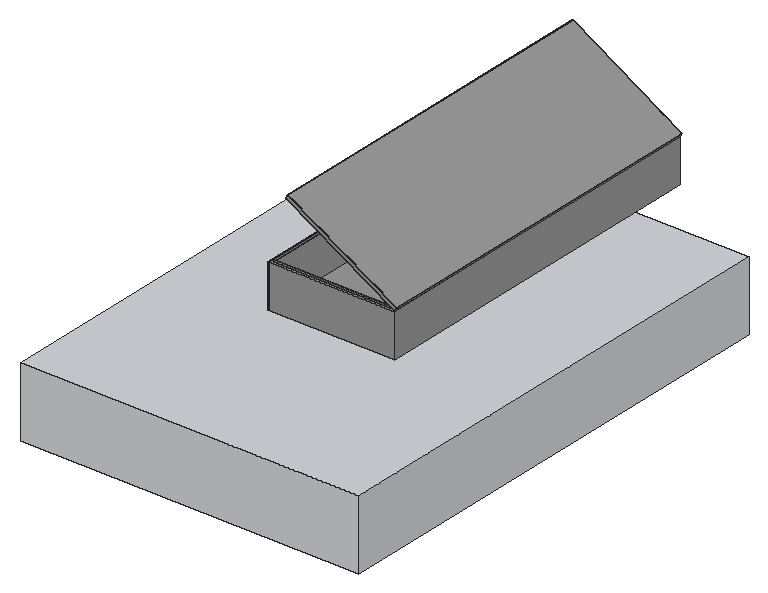
Revit family "Hager-Univers-IP54-D205-H1550-Cl.I-Encl-CH-fr", category Equipement électrique, Revit 2020
Family settings
  Hôte = Face
  Configuration du panneau = Deux colonnes, circuits au sein
  Cote de connecteur circulaire = Utiliser le diamètre
  Type d'élément = Tableau de raccordement
  Couper avec des vides une fois chargée = Non
  Partagée = Non
  Point de calcul de pièce = Non
Parameters (values of type "saillie IP54 L550 H1550 P205  - FP02TW2")
  Width Control [instance] = if([EF000008 - largeur] > Min Width, [EF000008 - largeur], Min Width)  # 550 mm
  Commentaires du type = [HG000003 - Gamme]  # "Univers"
  Thickness Door [instance] = if([EF009171 - épaisseur de matériau de la porte/du couvercle] > 3 mm, 3 mm, [EF009171 - épaisseur de matériau de la porte/du couvercle])  # 1 mm
  Seal Frame Offset [instance] = 17 mm  # constant formula
  Plinth Visibility [instance] = [HG000027 - Hauteur du socle] > 0 mm  # no
  Model = ""
  Min Width [instance] = 100 mm  # constant formula
  Min Height [instance] = 100 mm  # constant formula
  Min Depth [instance] = (2 * [EF009170 - épaisseur de matériau du boîtier]) + 1 mm  # 3 mm
  Internal Frame Depth [instance] = (Door System Depth * 0.5)  # 9 mm
  Height Control [instance] = if([EF000040 - hauteur] > Min Height, [EF000040 - hauteur], Min Height)  # 1550 mm
  HG000027 - Hauteur du socle = 0 mm
  HG000026 - Installation au sol = no
  HG000024 - Hauteur de la section basse = 800 mm
  HG000023 - Armoire double section = no
  HG000016 - Visibilité de la porte 3D [instance] = yes
  HG000015 - Visibilité de l'emprise de la porte [instance] = no
  HG000014 - Porte à droite [instance] = yes
  HG000013 - Porte à gauche [instance] = not([HG000014 - Porte à droite])  # no
  HG000012 - Angle de pivotement de la porte [instance] = 30.00°
  HG000010 - Portes asymétriques = no
  HG000009 - Porte à double battant = no
  HG000006 - Encastré = no
  HG000004 - Référence fabricant = "FP02TW2"
  HG000003 - Gamme = "Univers"
  HG000002 - avec porte = yes
  Frame Offset Bottom [instance] = 10 mm  # constant formula
  Frame Offset [instance] = 15 mm  # constant formula
  EF015940 - couvercle avec décharge de pression = no
  EF011959 - degré de protection (NEMA) = ""
  EF009554 - nombre d'ouvertures pour plaques à bride = 4
  Fabricant = "Hager"  # constant formula
  EF009212 - finition du couvercle = "EV000116 - fermé"
  EF009171 - épaisseur de matériau de la porte/du couvercle = 1 mm
  EF009170 - épaisseur de matériau du boîtier = 1 mm
  EF008873 - courant nominal (In) = 250 A
  EF007800 - adapté à un parafoudre = no
  EF006306 - avec serrure = no
  EF006244 - couvercle/porte transparent(e) = no
  EF005474 - indice de protection (IP) = "EV006419 - IP54"
  EF004464 - type de porte = "EV002646 - unique"
  EF004427 - nombre de modules = 240
  EF004293 - indice de protection contre les chocs (IK) = "EV006815 - IK09"
  EF003532 - convient pour utilisation à l’extérieur = no
  EF002950 - largeur en nombre de modules = 24
  EF001613 - maintien de fonction = "EV000494 - sans"
  EF001596 - matériau du boîtier/corps = "EV000179 - acier"
  EF001131 - profondeur intérieure = 205 mm
  EF001088 - possibilité de montage en saillie = yes
  EF000437 - nombre d'entrées de conduit = 4
  EF000339 - type de capot = "EV001012 - couvercle"
  EF000266 - nombre de rangées = 10
  EF000218 - profondeur d'encastrement = 205 mm
  EF000118 - avec cadre/support de montage = no
  EF000116 - numéro RAL = "9010"
  EF000049 - profondeur = 205 mm
  EF000040 - hauteur = 1550 mm
  EF000008 - largeur = 550 mm
  EF000007 - couleur = "EV000202 - blanc"
  EF000003 - mode de pose = "EV000384 - saillie"
  Door System Leaf Tolerance [instance] = 1.5 mm  # constant formula
  Door System Depth [instance] = 18 mm  # constant formula
  Door Height [instance] = Height Control - [HG000027 - Hauteur du socle]  # 1550 mm
  Depth Control [instance] = if([EF000049 - profondeur] > Min Depth, [EF000049 - profondeur], Min Depth)  # 205 mm
  Default Elevation = 0 mm
  Connector Offset [instance] = Height Control / 2  # 775 mm
  Bottom Top Plate Trim [instance] = 1.5 mm  # constant formula
  Plinth height Ctrl [instance] = if([HG000027 - Hauteur du socle] > 0 mm, [HG000027 - Hauteur du socle], 12 mm)  # 12 mm
Types (2, lengths in mm): name | Width Control | HG000004 - Référence fabricant | EF009554 - nombre d'ouvertures pour plaques à bride | EF004427 - nombre de modules | EF002950 - largeur en nombre de modules | EF000437 - nombre d'entrées de conduit | EF000008 - largeur
  saillie IP54 L300 H1550 P205  - FP01TW2 | 300 | "FP01TW2" | 2 | 120 | 12 | 2 | 300
  saillie IP54 L550 H1550 P205  - FP02TW2 | 550 | "FP02TW2" | 4 | 240 | 24 | 4 | 550
Reference planes
  plane 1 "Center (Front/Back)": y = 0
  plane 2: z = 0
  plane 3 "Center (Left/Right)": x = 0
  plane 4: z = 205
  plane 5: y = 1
  plane 6: y = 775
  plane 7: y = 0
  plane 8: y = 1550
  plane 9: z = 0
  plane 10: x = -260
  plane 11: x = 260
  plane 12: x = 259
  plane 13: x = -259
  plane 14: y = 1549
  plane 15: x = -258
  plane 16: x = -275
  plane 17: x = 258
  plane 18: x = 275
  plane 19: x = 274
  plane 20: x = -274
  plane 21: y = 11
  plane 22: y = 1550
  plane 23: y = 1534
  plane 24: z = 187
  plane 25: z = 1
  plane 26: z = 186
  plane 27: z = 204
Forms (mm)
  Extrusion 1, solid
    sketch origin (0, 0, 0) x (1, 0, 0) y (0, 1, 0)
      loop
        line (-702.964, 1305) -> (-702.964, -811.445) -> (766.763, -811.445) -> (766.763, 1305) -> (-702.964, 1305)
    from 0 to -304.8
  Extrusion 2, solid, material "Hager_Steel_RAL7035_Light_Grey", visible <- "Plinth Visibility", detail levels medium+fine
    sketch origin (0, 0, 0) x (1, 0, 0) y (0, 1, 0)
      loop
        line (-275, 0) -> (275, 0) -> (275, 12) -> (-275, 12) -> (-275, 0)
    from 0 to 187
  Extrusion 3, solid, material "Hager_Steel_RAL7035_Light_Grey", detail levels medium+fine
    sketch origin (0, 0, 0) x (1, 0, 0) y (0, 1, 0)
      loop
        line (-275, 0) -> (275, 0) -> (275, 1550) -> (-275, 1550) -> (-275, 0)
    from 0 to 187
  Extrusion 4, void
    sketch origin (0, 0, 0) x (1, 0, 0) y (0, 1, 0)
      loop
        line (-274, 1) -> (274, 1) -> (274, 1549) -> (-274, 1549) -> (-274, 1)
    from 1 to 186
  Extrusion 5, void
    sketch origin (-381.607, -4572, 187) x (0, -1, 0) y (-1, 0, 0)
      loop
        line (-4583, -122.607) -> (-6106, -122.607) -> (-6106, -640.607) -> (-4583, -640.607) -> (-4583, -122.607)
    from 0 to 1 <- "EF009170 - épaisseur de matériau du boîtier"
  Extrusion 6, solid, material "Hager_Steel_RAL7035_Light_Grey", detail levels fine
    sketch origin (0, 0, 187) x (1, 0, 0) y (0, 1, 0)
      loop
        line (-259, 1534) -> (-259, 11) -> (259, 11) -> (259, 1534) -> (-259, 1534)
      loop
        line (-260, 10) -> (260, 10) -> (260, 1535) -> (-260, 1535) -> (-260, 10)
    from 0 to 9 <- "Internal Frame Depth"
  Extrusion 7, solid, material "Hager_Steel_RAL7035_Light_Grey", detail levels coarse
    sketch origin (0, 0, 0) x (1, 0, 0) y (0, 1, 0)
      loop
        line (-275, 0) -> (275, 0) -> (275, 1550) -> (-275, 1550) -> (-275, 0)
    from 0 to 205
  Sweep 8, void
    path in 3D
      loop
        line (-275, 12, 0) -> (275, 12, 0) -> (275, 12, 187) -> (-275, 12, 187) -> (-275, 12, 0)
    profile origin (-275, 12, 93.5) x (-1, 0, 0) y (0, -1, 0)
      loop
        line (0, 0) -> (0, 1.5) -> (-1.5, 1.5)
        arc (-1.5, 1.5) -> (-1.061, 0.439) -> (0, 0) r 1.5
Cuts and joins
  Extrusion 4, Extrusion 5 cuts Extrusion 3
  Sweep 8 cuts Extrusion 2
Lines and regions (mm)
  Masking region 1
    outline origin (0, 0, 0) x (1, 0, 0) y (0, 0, 1)
      loop
        line (-275, 205) -> (-275, 0) -> (275, 0) -> (275, 205) -> (-275, 205)
  Masking region 2, detail levels medium+fine
    outline origin (0, 140, 0) x (0, 1, 0) y (0, 0, 1)
      loop
        line (-140, 0) -> (1410, 0) -> (1410, 187) -> (-140, 187) -> (-140, 0)
  Masking region 3, not visible, detail levels medium+fine
    outline origin (0, 297.922, 0) x (0, 1, 0) y (0, 0, 1)
      loop
        line (488.578, 0) -> (528.578, 0) -> (528.578, 194)
        arc (528.578, 194) -> (525.649, 201.071) -> (518.578, 204) r 10
        line (518.578, 204) -> (488.578, 204) -> (488.578, 0)
  Masking region 4, detail levels coarse
    outline origin (0, 0, 180) x (0, 1, 0) y (0, 0, 1)
      loop
        line (0, -180) -> (1550, -180) -> (1550, 25) -> (0, 25) -> (0, -180)
  Masking region 5, visible <- "Plinth Visibility", detail levels medium+fine
    outline origin (0, 52.24, 12.345) x (0, 0, -1) y (0, 1, 0)
      loop
        line (10.845, -40.24) -> (-173.155, -40.24)
        arc (-173.155, -40.24) -> (-173.594, -41.301) -> (-174.655, -41.74) r 1.5
        line (-174.655, -41.74) -> (-174.655, -52.24) -> (12.345, -52.24) -> (12.345, -41.74)
        arc (12.345, -41.74) -> (11.285, -41.301) -> (10.845, -40.24) r 1.5
  Masking region 6, detail levels medium+fine
    outline origin (-381.607, -4572, 187) x (-1, 0, 0) y (0, -1, 0)
      loop
        line (-106.607, -6122) -> (-106.607, -4572) -> (-656.607, -4572) -> (-656.607, -6122) -> (-106.607, -6122)
  Masking region 7, visible <- "Plinth Visibility", detail levels medium+fine
    outline origin (-381.607, -4727, 187) x (-1, 0, 0) y (0, -1, 0)
      loop
        arc (-108.107, -4739) -> (-107.668, -4737.939) -> (-106.607, -4737.5) r 1.5
        line (-106.607, -4737.5) -> (-106.607, -4727) -> (-656.607, -4727) -> (-656.607, -4737.5)
        arc (-656.607, -4737.5) -> (-655.546, -4737.939) -> (-655.107, -4739) r 1.5
        line (-655.107, -4739) -> (-108.107, -4739)
  Masking region 8, detail levels coarse
    outline origin (-442.548, -4669.526, 187) x (-1, 0, 0) y (0, -1, 0)
      loop
        line (-167.548, -6219.526) -> (-167.548, -4669.526) -> (-717.548, -4669.526) -> (-717.548, -6219.526) -> (-167.548, -6219.526)
  sketch lines
    curve 1: line (-275, 12, 187) -> (-275, 12, 0)
    curve 2: line (275, 12, 187) -> (-275, 12, 187)
    curve 3: line (275, 12, 187) -> (275, 12, 0)
    curve 4: line (-275, 12, 0) -> (275, 12, 0)
Dimensions and locks
  "Depth Control": plane 4 to Extrusion 1
  "HG000027 - Hauteur du socle": plane 1 "Center (Front/Back)" to plane 7
  "EF009170 - épaisseur de matériau du boîtier": plane 5 to plane 7
  locked: connector elem to plane 3 "Center (Left/Right)"
  equal spacing: plane 8, plane 6, plane 7
  locked: connector elem to plane 6
  "EF009170 - épaisseur de matériau du boîtier": plane 8 to plane 14
  "EF009170 - épaisseur de matériau du boîtier": plane 10 to plane 13
  "EF009170 - épaisseur de matériau du boîtier": plane 12 to plane 11
  "Frame Offset": plane 20 to plane 13
  "Frame Offset": plane 12 to plane 19
  "EF009170 - épaisseur de matériau du boîtier": plane 16 to plane 20
  "EF009170 - épaisseur de matériau du boîtier": plane 19 to plane 18
  "Seal Frame Offset": plane 16 to plane 15
  "Seal Frame Offset": plane 17 to plane 18
  "Frame Offset Bottom": plane 21 to plane 5
  "Frame Offset": plane 14 to plane 23
  equal spacing: plane 16, plane 3 "Center (Left/Right)", plane 18
  "Width Control": plane 16 to plane 18
  "EF009170 - épaisseur de matériau du boîtier": plane 4 to plane 27
  "EF009170 - épaisseur de matériau du boîtier": plane 24 to plane 26
  "EF009170 - épaisseur de matériau du boîtier": plane 25 to level
  "Door System Depth": plane 4 to plane 24
  "Height Control": plane 1 "Center (Front/Back)" to Extrusion 7 sketch curve
  "Height Control": Masking region 4 sketch curve to plane 1 "Center (Front/Back)"
  "Height Control": plane 1 "Center (Front/Back)" to plane 22
  "Bottom Top Plate Trim": profile plane to Sweep 8 sketch curve
  "Bottom Top Plate Trim": Sweep 8 sketch curve to profile plane
  "Plinth height Ctrl": plane 1 "Center (Front/Back)" to Extrusion 2 sketch curve
  "Plinth height Ctrl": Masking region 5 sketch curve to plane 1 "Center (Front/Back)"
  "Plinth height Ctrl": plane 1 "Center (Front/Back)" to Masking region 7 sketch curve
  "Thickness Door": Extrusion 6 sketch curve to Extrusion 6 sketch curve  (x3)
  "Thickness Door": cut or joined group of Extrusion 3, Extrusion 4, Extrusion 5 to Extrusion 6 sketch curve
  radius of Masking region 3 sketch curve = 10 mm
  "Bottom Top Plate Trim": radius of Masking region 5 sketch curve  (x2)
  "Bottom Top Plate Trim": radius of Sweep 8 sketch curve
  "Bottom Top Plate Trim": radius of Masking region 7 sketch curve  (x2)
  aligned and locked: plane 2 to Extrusion 1
  aligned and locked: level to Extrusion 1
  aligned and locked: level to Masking region 1 sketch curve
  aligned and locked: Masking region 1 sketch curve to plane 18
  aligned and locked: Masking region 1 sketch curve to plane 16
  aligned and locked: plane 7 to Masking region 2 sketch curve
  aligned and locked: level to Masking region 3 sketch curve
  aligned and locked: Masking region 3 sketch curve to plane 27
  aligned and locked: level to Masking region 2 sketch curve
  aligned and locked: plane 1 "Center (Front/Back)" to Extrusion 2 sketch curve
  aligned and locked: Extrusion 3 sketch curve to plane 7
  aligned and locked: plane 16 to Extrusion 3 sketch curve
  aligned and locked: plane 18 to Extrusion 3 sketch curve
  aligned and locked: plane 20 to Extrusion 4 sketch curve
  aligned and locked: plane 19 to Extrusion 4 sketch curve
  aligned and locked: Extrusion 4 sketch curve to plane 5
  aligned and locked: Extrusion 4 to plane 25
  aligned and locked: plane 26 to Extrusion 4
  aligned and locked: plane 24 to Extrusion 3
  aligned and locked: Extrusion 5 sketch curve to plane 21
  aligned and locked: Extrusion 5 sketch curve to plane 13
  aligned and locked: Extrusion 5 sketch curve to plane 12
  aligned and locked: plane 18 to Extrusion 7 sketch curve
  aligned and locked: plane 1 "Center (Front/Back)" to Extrusion 7 sketch curve
  aligned and locked: plane 16 to Extrusion 7 sketch curve
  aligned and locked: plane 4 to Extrusion 7
  aligned and locked: Extrusion 7 to level
  aligned and locked: level to Masking region 4 sketch curve
  aligned and locked: Masking region 4 sketch curve to plane 1 "Center (Front/Back)"
  aligned and locked: Masking region 4 sketch curve to plane 4
  aligned and locked: nested 1 to level
  aligned and locked: nested 1 to plane 16
  aligned and locked: plane 8 to Extrusion 3 sketch curve
  aligned and locked: plane 23 to Extrusion 5 sketch curve
  aligned and locked: plane 14 to Extrusion 4 sketch curve
  aligned and locked: Masking region 2 sketch curve to plane 8
  aligned and locked: level to Masking region 5 sketch curve
  aligned and locked: plane 16 to Extrusion 2 sketch curve
  aligned and locked: plane 18 to Extrusion 2 sketch curve
  aligned and locked: Masking region 5 sketch curve to plane 24
  aligned and locked: Masking region 2 sketch curve to plane 24
  aligned and locked: plane 24 to Extrusion 2
  aligned and locked: profile plane to Sweep 8 sketch curve  (x2)
  aligned and locked: Masking region 6 sketch curve to plane 18
  aligned and locked: Masking region 6 sketch curve to plane 22
  aligned and locked: Masking region 6 sketch curve to plane 16
  aligned and locked: plane 8 to plane 22
  aligned and locked: plane 7 to Masking region 6 sketch curve
  aligned and locked: Masking region 7 sketch curve to plane 16
  aligned and locked: Masking region 7 sketch curve to plane 1 "Center (Front/Back)"
  aligned and locked: Masking region 7 sketch curve to plane 18
  aligned and locked: Masking region 8 sketch curve to plane 1 "Center (Front/Back)"
  aligned and locked: Masking region 8 sketch curve to plane 18
  aligned and locked: Masking region 8 sketch curve to plane 22
  aligned and locked: Masking region 8 sketch curve to plane 16
  aligned and locked: nested 2 to plane 7
  aligned and locked: plane 3 "Center (Left/Right)" to nested 2
  aligned and locked: nested 2 to plane 24
  aligned and locked: Extrusion 6 sketch curve to cut or joined group of Extrusion 3, Extrusion 4, Extrusion 5  (x4)
Automatic sketch dimensions
  Extrusion 1 sketch curve to Extrusion 1 sketch curve = 1469.727 mm
  Extrusion 1 sketch curve to Extrusion 1 sketch curve = 2116.445 mm
  Masking region 1 sketch curve to plane 4 = 0 mm
  plane 6 to Masking region 3 sketch curve = 11.5 mm
  Masking region 3 sketch curve to Masking region 3 sketch curve = 30 mm
  Masking region 5 sketch curve to plane 1 "Center (Front/Back)" = 0 mm
Nested families
  nested 1: "Hager_Enclosure_Symbol" at (-275, 0, 0) x (1, 0, 0) z (0, -1, 0), Height <- "Depth Control", Width <- "Width Control", type "Hager_Enclosure_Symbol"
    with Width_Ctrl 550 mm, Width 550 mm, Height_Ctrl 205 mm, Height 205 mm, A_Width_Int 13.453 mm, A_Width 161.438 mm, A_Height_Ctrl 179.375 mm, A_Height 179.375 mm
  nested 2: "EC000058_Univers_Door" at (0, 0, 187) x (1, 0, 0) z (0, 1, 0), Leaf_Tolerance <- "Door System Leaf Tolerance", Angle <- "HG000012 - Angle de pivotement de la porte", Door_Depth <- "Door System Depth", Door_Left <- "HG000013 - Porte à gauche", Transparent <- "EF006244 - couvercle/porte transparent(e)", Assymetrical <- "HG000010 - Portes asymétriques", Width <- "Width Control", Clearance <- "HG000015 - Visibilité de l'emprise de la porte", Double <- "HG000009 - Porte à double battant", 3d_Door <- "HG000016 - Visibilité de la porte 3D", Lock_Visibility <- "EF006306 - avec serrure", Width_Ctrl <- "Width Control", Door_Right <- "HG000014 - Porte à droite", Door <- "HG000002 - avec porte", Height <- "Door Height", Thickness <- "Thickness Door", type "EC000058_Univers_Door", detail levels medium+fine
    with min_wh 3 mm, Width_Ctrl 550 mm, Width 550 mm, Transparent no, Thickness 1 mm, Seal_Material Hager_Rubber, Lock_Visibility no, Lock_Material Hager_Plastic_RAL9005_Jet_Black, Leaf_Width 550 mm, Leaf_Tolerance_External_Sides 0 mm, Leaf_Tolerance 1.5 mm, Leaf_Offset 0 mm, Leaf_Height 1547 mm, Leaf_2_Width 550 mm, Leaf_2_Offset 275 mm, Leaf_1_Width 550 mm, Leaf_1_Offset 275 mm, Height_Ctrl 1550 mm, Height 1550 mm, Glass_Material Hager_Glass, Double_Clearance_Ctrl no, Double no, Door_Right_Ctrl yes, Door_Right yes, Door_Material Hager_Steel_RAL7035_Light_Grey, Door_Left_Ctrl no, Door_Left no, Door_Depth 18 mm, Door yes, Clearance_Material Hager_Clearance, Clearance_Depth 550 mm, Clearance_Ctrl no, Clearance no, Assymetrical no, Angle 30.00°, 3d_Door yes
Connectors
  electrical at (0, 775, 0)
    settings: on plane 9, index 1, voltage 0 V, apparent load 0 VA, apparent load phase1 0 VA, apparent load phase2 0 VA, apparent load phase3 0 VA, power factor 1, load classification "Other", number of poles 1, system type 30, power factor state 1, is connector primary yes, connector utility no, sub classification motor no, connector description ""
Definition of nested family "EC000058_Univers_Door"
  Parameters (values of type "EC000058_Univers_Door")
    min_wh [instance] = (2 * Thickness) + 1 mm  # 11 mm
    Width_Ctrl [instance] = 400 mm
    Width [instance] = 500 mm
    Transparent [instance] = yes
    Thickness [instance] = 5 mm
    Seal_Material [instance] = none
    Lock_Visibility [instance] = yes
    Lock_Material [instance] = none
    Leaf_Width [instance] = if((Width_Ctrl - 2 * Leaf_Tolerance_External_Sides) > 0 mm, (Width_Ctrl - 2 * Leaf_Tolerance_External_Sides), min_wh)  # 400 mm
    Leaf_Tolerance_External_Sides [instance] = 0 mm  # constant formula
    Leaf_Tolerance [instance] = 1.5 mm
    Leaf_Offset [instance] = 0 mm  # constant formula
    Leaf_Height [instance] = if((Height_Ctrl - 2 * Leaf_Tolerance) > 0 mm, (Height_Ctrl - 2 * Leaf_Tolerance), min_wh)  # 497 mm
    Leaf_2_Width [instance] = if(and(and(Double, Assymetrical), Door_Left), (Leaf_Width / 3) - (Leaf_Tolerance / 2), if(and(and(Double, Assymetrical), Door_Right), (Leaf_Width / 3) * 2 - (Leaf_Tolerance / 2), if(and(Double, not(Assymetrical)), (Leaf_Width / 2) - Leaf_Tolerance, Leaf_Width)))  # 400 mm
    Leaf_2_Offset [instance] = if(and(Double, Assymetrical), Leaf_2_Width / 2, if(and(Double, not(Assymetrical)), Leaf_Width / 4, Leaf_Width / 2))  # 200 mm
    Leaf_1_Width [instance] = if(and(and(Double, Assymetrical), Door_Right), (Leaf_Width / 3) - (Leaf_Tolerance / 2), if(and(and(Double, Assymetrical), Door_Left), (Width / 3) * 2 - (Leaf_Tolerance / 2), if(and(Double, not(Assymetrical)), (Leaf_Width / 2) - Leaf_Tolerance, Leaf_Width)))  # 400 mm
    Leaf_1_Offset [instance] = if(and(Double, Assymetrical), Leaf_1_Width / 2, if(and(Double, not(Assymetrical)), Leaf_Width / 4, Leaf_Width / 2))  # 200 mm
    Height_Ctrl [instance] = if(Height > min_wh, Height, min_wh)  # 500 mm
    Height [instance] = 500 mm
    Glass_Material [instance] = none
    Double_Clearance_Ctrl [instance] = and(Double, Clearance)  # no
    Double [instance] = no
    Door_Right_Ctrl [instance] = and(or(Door_Right, Double), Door)  # yes
    Door_Right [instance] = yes
    Door_Material [instance] = none
    Door_Left_Ctrl [instance] = and(or(Door_Left, Double), Door)  # no
    Door_Left [instance] = no
    Door_Depth [instance] = 30 mm
    Door [instance] = yes
    Default Elevation = 1219.2 mm
    Clearance_Material [instance] = none
    Clearance_Depth [instance] = if(Leaf_1_Width > Leaf_2_Width, Leaf_1_Width, Leaf_2_Width)  # 400 mm
    Clearance_Ctrl [instance] = and(not(Double), Clearance)  # yes
    Clearance [instance] = yes
    Assymetrical [instance] = yes
    Angle [instance] = 30.00°
    3d_Door [instance] = yes
  Reference planes
    plane 1 "Center (Front/Back)": y = 0
    plane 2 "Bottom": z = 0
    plane 3 "Center (Left/Right)": x = 0
    plane 4: z = 500
    plane 5: x = -200
    plane 6: x = 200
    plane 7: z = 500
    plane 8: x = -200
    plane 9: z = 0
    plane 10: x = 200
    plane 11: y = 0
    plane 12: z = 1.5
    plane 13: x = -600
    plane 14: y = -400
    plane 15: x = 600
    plane 16: x = 0
    plane 17: x = 0
    plane 18: x = -200
    plane 19: x = 200
    plane 20: z = 498.5
  Forms (mm)
    Extrusion 1, solid, material <- "Clearance_Material", visible <- "Double_Clearance_Ctrl"
      sketch origin (1200, 0, 0) x (1, 0, 0) y (0, 0, -1)
        loop
          line (-1800, -498.5) -> (-600, -498.5) -> (-600, 0) -> (-1800, 0) -> (-1800, -498.5)
      from 0 to -400
  Dimensions and locks
    equal spacing: plane 5, plane 3 "Center (Left/Right)", plane 6
    "Width_Ctrl": plane 5 to plane 6
    "Leaf_Offset": plane 5 to plane 8
    "Leaf_Offset": plane 6 to plane 10
    "Leaf_Offset": plane 9 to level
    "Leaf_Offset": plane 4 to plane 7
    "Height_Ctrl": plane 4 to level
    "Leaf_Tolerance": plane 12 to plane 9
    locked: plane 11 to plane 1 "Center (Front/Back)"
    "Leaf_1_Offset": plane 18 to plane 16
    "Leaf_2_Offset": plane 17 to plane 19
    "Leaf_1_Width": plane 13 to plane 8
    "Leaf_2_Width": plane 10 to plane 15
    "Clearance_Depth": plane 14 to plane 1 "Center (Front/Back)"
    "Leaf_Tolerance_External_Sides": plane 8 to plane 18
    "Leaf_Tolerance_External_Sides": plane 19 to plane 10
    "Leaf_Tolerance": plane 7 to plane 20
    aligned and locked: level to plane 2 "Bottom"
    aligned and locked: nested 1 to plane 16
    aligned and locked: nested 2 to plane 17
    aligned and locked: Extrusion 1 to plane 13
    aligned and locked: plane 15 to Extrusion 1
    aligned and locked: Extrusion 1 to plane 14
    aligned and locked: plane 12 to nested 1
    aligned and locked: nested 2 to plane 12
    aligned and locked: Extrusion 1 to plane 11
    aligned and locked: plane 20 to Extrusion 1
    aligned and locked: nested 2 to plane 11
    aligned and locked: nested 1 to plane 11
  Automatic sketch dimensions
    Extrusion 1 sketch curve to level = 0 mm
    plane 5 to Extrusion 1 sketch curve = 400 mm
    plane 6 to Extrusion 1 sketch curve = 400 mm
    Extrusion 1 sketch curve to plane 4 = 1.5 mm
  Nested families
    nested 1: "EC000058_Univers_Door_Leaf" at (0, 0, 1.5), Width <- "Leaf_1_Width", visible <- "Door_Left_Ctrl", Leaf_Height <- "Leaf_Height", Angle <- "Angle", 3d_Door <- "3d_Door", Transparent <- "Transparent", Clearance Material <- "Clearance_Material", Clearance <- "Clearance_Ctrl", Door_Material <- "Door_Material", Glass_Material <- "Glass_Material", Door_Depth <- "Door_Depth", Lock_Material <- "Lock_Material", Seal_Material <- "Seal_Material", Lock_Visibility <- "Lock_Visibility", Thickness <- "Thickness", type "EC000058_Univers_Door_Leaf"
      with Width 400 mm, Transparent_Glass_Offset 30 mm, Transparent_Ctrl yes, Transparent yes, Thickness 5 mm, Standard no, Seal_Material none, Seal_D2 8 mm, Seal_D1 1 mm, Offset_Internal_Frame 10 mm, Lock_Width 20 mm, Lock_Visibility_3d yes, Lock_Visibility yes, Lock_Thickness_3 3 mm, Lock_Thickness_2 1 mm, Lock_Thickness_1 3 mm, Lock_Radius_Offset_2 16 mm, Lock_Radius_Offset_1 15 mm, Lock_Radius_2 5 mm, Lock_Radius 6 mm, Lock_Offset 5 mm, Lock_Material none, Lock_Height 80 mm, Lock_Cover_Top_Offset_2d 17 mm, Lock_Cover_Height -65 mm, Leaf_Height 497 mm, Internal_Seal_Thickness 8 mm, Internal_Seal_Depth_2 4.5 mm, Internal_Frame_Depth 25 mm, Glass_Thickness -1 mm, Glass_Offset -2 mm, Glass_Material none, Door_Material none, Door_Depth 30 mm, Clearance Material none, Clearance yes, Angle_Ctrl 30.00°, Angle 30.00°, 3d_Door yes
    nested 2: "EC000058_Univers_Door_Leaf" at (0, 0, 1.5) x (-1, 0, 0) z (0, 0, 1), Width <- "Leaf_2_Width", visible <- "Door_Right_Ctrl", Leaf_Height <- "Leaf_Height", Angle <- "Angle", 3d_Door <- "3d_Door", Transparent <- "Transparent", Clearance Material <- "Clearance_Material", Clearance <- "Clearance_Ctrl", Door_Material <- "Door_Material", Glass_Material <- "Glass_Material", Door_Depth <- "Door_Depth", Lock_Material <- "Lock_Material", Seal_Material <- "Seal_Material", Lock_Visibility <- "Lock_Visibility", Thickness <- "Thickness", type "EC000058_Univers_Door_Leaf"
      with Width 400 mm, Transparent_Glass_Offset 30 mm, Transparent_Ctrl yes, Transparent yes, Thickness 5 mm, Standard no, Seal_Material none, Seal_D2 8 mm, Seal_D1 1 mm, Offset_Internal_Frame 10 mm, Lock_Width 20 mm, Lock_Visibility_3d yes, Lock_Visibility yes, Lock_Thickness_3 3 mm, Lock_Thickness_2 1 mm, Lock_Thickness_1 3 mm, Lock_Radius_Offset_2 16 mm, Lock_Radius_Offset_1 15 mm, Lock_Radius_2 5 mm, Lock_Radius 6 mm, Lock_Offset 5 mm, Lock_Material none, Lock_Height 80 mm, Lock_Cover_Top_Offset_2d 17 mm, Lock_Cover_Height -65 mm, Leaf_Height 497 mm, Internal_Seal_Thickness 8 mm, Internal_Seal_Depth_2 4.5 mm, Internal_Frame_Depth 25 mm, Glass_Thickness -1 mm, Glass_Offset -2 mm, Glass_Material none, Door_Material none, Door_Depth 30 mm, Clearance Material none, Clearance yes, Angle_Ctrl 30.00°, Angle 30.00°, 3d_Door yes
  Definition of nested family "EC000058_Univers_Door_Leaf"
    Parameters (values of type "EC000058_Univers_Door_Leaf")
      Width [instance] = 2000 mm
      Transparent_Glass_Offset [instance] = 30 mm
      Transparent_Ctrl [instance] = and(Transparent, [3d_Door])  # yes
      Transparent [instance] = yes
      Thickness [instance] = 5 mm
      Standard [instance] = and(not(Transparent), [3d_Door])  # no
      Seal_Material [instance] = none
      Seal_D2 [instance] = 8 mm  # constant formula
      Seal_D1 [instance] = 1 mm  # constant formula
      Offset_Internal_Frame [instance] = 10 mm  # constant formula
      Lock_Width [instance] = 20 mm  # constant formula
      Lock_Visibility_3d [instance] = and(Lock_Visibility, [3d_Door])  # yes
      Lock_Visibility [instance] = yes
      Lock_Thickness_3 [instance] = 3 mm  # constant formula
      Lock_Thickness_2 [instance] = 1 mm  # constant formula
      Lock_Thickness_1 [instance] = 3 mm  # constant formula
      Lock_Radius_Offset_2 [instance] = Lock_Radius_Offset_1 + 1 mm  # 16 mm
      Lock_Radius_Offset_1 [instance] = 15 mm  # constant formula
      Lock_Radius_2 [instance] = Lock_Radius - 1 mm  # 5 mm
      Lock_Radius [instance] = 6 mm  # constant formula
      Lock_Offset [instance] = 5 mm  # constant formula
      Lock_Material [instance] = none
      Lock_Height [instance] = 80 mm  # constant formula
      Lock_Cover_Top_Offset_2d [instance] = Lock_Radius_Offset_2 + 1 mm  # 17 mm
      Lock_Cover_Height [instance] = -(Lock_Height - Lock_Radius_Offset_1)  # -65 mm
      Leaf_Height [instance] = 2720.336 mm
      Internal_Seal_Thickness [instance] = 8 mm  # constant formula
      Internal_Seal_Depth_2 [instance] = 4.5 mm  # constant formula
      Internal_Frame_Depth [instance] = if(Door_Depth - Thickness > 5 mm, Door_Depth - Thickness, 5 mm)  # 25 mm
      Glass_Thickness [instance] = if(Thickness > 15 mm, Glass_Offset + 10 mm, -1 mm)  # -1 mm
      Glass_Offset [instance] = if(Thickness > 15 mm, -(Thickness + 10 mm) / 2, -2 mm)  # -2 mm
      Glass_Material [instance] = none
      Door_Material [instance] = none
      Door_Depth [instance] = 30 mm
      Default Elevation = 0 mm
      Clearance Material [instance] = none
      Clearance [instance] = yes
      Angle_Ctrl [instance] = if(Angle > 180.00°, 180.00°, Angle)  # 90.00°
      Angle [instance] = 90.00°
      3d_Door [instance] = yes
    Reference planes
      plane 1 "Center (Front/Back)": y = 0
      plane 2: z = 0
      plane 3 "Center (Left/Right)": x = 0
      plane 4: y = 2000
      plane 5: x = -1000
      plane 6: x = 1000
      plane 7: x = -3000
      plane 8: z = 2720.336
      plane 9: z = 30
      plane 10: z = 2690.336
      plane 11: x = 970
      plane 12: x = -970
      plane 13: y = -3
      plane 14: z = 107.833
      plane 15: y = -5
      plane 16: y = -223.314
      plane 17: x = -1000
      plane 18: z = 1360.168
      plane 19: y = 30
    Forms (mm)
      Extrusion 1, solid, material <- "Clearance Material", visible <- "Clearance"
        sketch origin (0, 0, 0) x (1, 0, 0) y (0, 0, 1)
          loop
            line (-3000, 2720.336) -> (-3000, 0) -> (1000, 0) -> (1000, 2720.336) -> (-3000, 2720.336)
        from 0 to -2000
      Extrusion 2, solid, material <- "Door_Material", visible <- "Standard", detail levels medium+fine
        sketch origin (-1000, 0, 0) x (0, 1, 0) y (-1, 0, 0)
          loop
            line (0, 30) -> (0, 25) -> (2000, 25) -> (2000, 30) -> (0, 30)
        from 0 to 2720.336 <- "Leaf_Height"
      Extrusion 3, solid, material <- "Door_Material", visible <- "Transparent_Ctrl", detail levels medium+fine
        sketch origin (-1000, 0, 0) x (0, 1, 0) y (-1, 0, 0)
          loop
            line (0, 25) -> (2000, 25) -> (2000, 30) -> (0, 30) -> (0, 25)
        from 0 to 2720.336 <- "Leaf_Height"
      Extrusion 4, void
        sketch origin (-1025, 2000, 0) x (0, 1, 0) y (0, 0, -1)
          loop
            line (-30, -2690.336) -> (-30, -30) -> (-1970, -30) -> (-1970, -2690.336) -> (-30, -2690.336)
        from 0 to 5 <- "Thickness"
      Sweep 5, solid, material <- "Seal_Material", visible <- "Transparent_Ctrl", detail levels fine
        path in 3D
          loop
            line (-1025, 30, 30) -> (-1025, 30, 2690.336) -> (-1025, 1970, 2690.336) -> (-1025, 1970, 30) -> (-1025, 30, 30)
        profile origin (-1025, 1000, 30) x (1, 0, 0) y (0, 0, 1)
          loop
            line (0, 0) -> (0, -8) -> (1, -8) -> (1, 0) -> (0, 0)
      Extrusion 6, solid, material <- "Glass_Material", visible <- "Transparent_Ctrl", detail levels medium+fine
        sketch origin (-1030, 0, 0) x (0, 1, 0) y (0, 0, -1)
          loop
            line (1970, -2690.336) -> (1970, -30) -> (30, -30) -> (30, -2690.336) -> (1970, -2690.336)
        from -2 <- "Glass_Offset" to -1 <- "Glass_Thickness"
      Extrusion 7, solid, material <- "Door_Material", visible <- "3d_Door", detail levels medium+fine
        sketch origin (-1025, 2000, 0) x (0, -1, 0) y (0, 0, -1)
          loop
            line (0, -2720.336) -> (2000, -2720.336) -> (2000, 0) -> (0, 0) -> (0, -2720.336)
          loop
            line (1995, -5) -> (5, -5) -> (5, -2715.336) -> (1995, -2715.336) -> (1995, -5)
        from 0 to 25 <- "Internal_Frame_Depth"
      Sweep 8, solid, material <- "Seal_Material", visible <- "Transparent_Ctrl", detail levels fine
        path in 3D
          loop
            line (-1025, 0, 0) -> (-1025, 2000, 0) -> (-1025, 2000, 2720.336) -> (-1025, 0, 2720.336) -> (-1025, 0, 0)
        profile origin (-1025, 0, 1360.168) x (1, 0, 0) y (0, 1, 0)
          loop
            line (0, 10) -> (2.975, 10)
            arc (2.975, 10) -> (4.053, 10.447) -> (4.5, 11.525) r 1.525
            line (4.5, 11.525) -> (4.5, 16.527)
            arc (4.5, 16.527) -> (4.069, 17.569) -> (3.027, 18) r 1.473
            line (3.027, 18) -> (0, 18) -> (0, 10)
      Extrusion 9, solid, material <- "Lock_Material", visible <- "Lock_Visibility_3d", detail levels fine
        sketch origin (-1030, 0, 0) x (0, 1, 0) y (0, 0, -1)
          loop
            arc (1993.5, -1400.168) -> (1994.561, -1399.729) -> (1995, -1398.668) r 1.5
            line (1995, -1398.668) -> (1995, -1320.168) -> (1975, -1320.168) -> (1975, -1398.668)
            arc (1975, -1398.668) -> (1975.439, -1399.729) -> (1976.5, -1400.168) r 1.5
            line (1976.5, -1400.168) -> (1993.5, -1400.168)
        from 3 <- "Lock_Thickness_1" to 0
      Blend 10, solid, material <- "Lock_Material", visible <- "Lock_Visibility_3d", detail levels fine
        base sketch origin (-1033, 0, 0) x (0, 1, 0) y (0, 0, -1)
          loop
            line (1975, -1320.168) -> (1975, -1398.668)
            arc (1975, -1398.668) -> (1975.439, -1399.729) -> (1976.5, -1400.168) r 1.5
            line (1976.5, -1400.168) -> (1993.5, -1400.168)
            arc (1993.5, -1400.168) -> (1994.561, -1399.729) -> (1995, -1398.668) r 1.5
            line (1995, -1398.668) -> (1995, -1320.168) -> (1975, -1320.168)
        top sketch origin (-1033, 0, 0) x (0, 1, 0) y (0, 0, -1)
          loop
            line (1976, -1320.168) -> (1976, -1398.668)
            arc (1976, -1398.668) -> (1976.146, -1399.022) -> (1976.5, -1399.168) r 0.5
            line (1976.5, -1399.168) -> (1993.5, -1399.168)
            arc (1993.5, -1399.168) -> (1993.854, -1399.022) -> (1994, -1398.668) r 0.5
            line (1994, -1398.668) -> (1994, -1320.168) -> (1976, -1320.168)
        from 0 to 1 <- "Lock_Thickness_2"
      Blend 11, solid, material <- "Lock_Material", visible <- "Lock_Visibility_3d", detail levels fine
        base sketch origin (-1034, 0, 0) x (0, 1, 0) y (0, 0, -1)
          loop
            line (1978, -1320.168) -> (1978, -1384.168)
            arc (1978, -1384.168) -> (1985, -1391.168) -> (1992, -1384.168) r 7
            line (1992, -1384.168) -> (1992, -1320.168) -> (1978, -1320.168)
        top sketch origin (-1034, 0, 0) x (0, 1, 0) y (0, 0, -1)
          loop
            line (1991, -1320.168) -> (1979, -1320.168) -> (1979, -1383.168)
            arc (1979, -1383.168) -> (1985, -1389.168) -> (1991, -1383.168) r 6
            line (1991, -1383.168) -> (1991, -1320.168)
        from 0 to 3 <- "Lock_Thickness_3"
      Extrusion 12, solid, material <- "Lock_Material", visible <- "Lock_Visibility_3d", detail levels fine
        sketch origin (-1030, 1975, 1320.168) x (1, 0, 0) y (0, -1, 0)
          loop
            line (-7, -19) -> (-7, -1) -> (0, -1) -> (0, 0) -> (-8, 0) -> (-8, -20) -> (0, -20) -> (0, -19) -> (-7, -19)
        from 0 to -65 <- "Lock_Cover_Height"
      Extrusion 13, void
        sketch origin (-1038, 1995, 1320.168) x (-1, 0, 0) y (0, 0, -1)
          loop
            line (-5, -65) -> (0, -65) -> (-5, -60) -> (-5, -65)
        from 0 to 20 <- "Lock_Width"
      Extrusion 14, void
        sketch origin (-1038, 1975, 1320.168) x (0, -1, 0) y (0, 0, -1)
          loop
            circle (-10, -15.995) r 6
          loop
            circle (-10, -15.995) r 5
        from 0 to 2
      Extrusion 15, solid, material <- "Lock_Material", visible <- "Lock_Visibility_3d", detail levels medium
        sketch origin (-1030, 0, 0) x (0, 1, 0) y (0, 0, -1)
          loop
            arc (1993.5, -1400.168) -> (1994.561, -1399.729) -> (1995, -1398.668) r 1.5
            line (1995, -1398.668) -> (1995, -1320.168) -> (1975, -1320.168) -> (1975, -1398.668)
            arc (1975, -1398.668) -> (1975.439, -1399.729) -> (1976.5, -1400.168) r 1.5
            line (1976.5, -1400.168) -> (1993.5, -1400.168)
        from 8 to 0
    Cuts and joins
      Extrusion 4 cuts Extrusion 3
      Extrusion 13, Extrusion 14 cuts Extrusion 9
      Extrusion 14 cuts Blend 11
      Extrusion 13, Extrusion 14 cuts Extrusion 12
      joined: Extrusion 9, Blend 10, Blend 11, Extrusion 12
      Extrusion 14 cuts Extrusion 15
    Lines and regions (mm)
      Masking region 1, visible <- "Lock_Visibility", detail levels fine
        outline origin (0, 0, 0) x (0, 1, 0) y (0, 0, 1)
          loop
            line (30, 1320.168) -> (33, 1320.168) -> (33, 1400.168) -> (30, 1400.168) -> (30, 1320.168)
      Masking region 2, visible <- "Lock_Visibility", detail levels fine
        outline origin (0, 3.143, 0) x (0, 1, 0) y (0, 0, 1)
          loop
            line (29.857, 1354.168) -> (30.857, 1354.168) -> (30.857, 1366.168) -> (29.857, 1366.168) -> (29.857, 1354.168)
      Masking region 3, detail levels medium+fine
        outline origin (0, 0, 0) x (0, 1, 0) y (0, 0, 1)
          loop
            line (0, 0) -> (30, 0) -> (30, 2720.336) -> (0, 2720.336) -> (0, 0)
      Masking region 4, detail levels medium+fine
        outline origin (0, 0, 0) x (1, 0, 0) y (0, 0, 1)
          loop
            line (-1000, 2720.336) -> (-1000, 0) -> (1000, 0) -> (1000, 2720.336) -> (-1000, 2720.336)
      Masking region 5, visible <- "Lock_Visibility", detail levels fine
        outline origin (-47.116, 0, 0) x (1, 0, 0) y (0, 0, 1)
          loop
            arc (1024.616, 1399.168) -> (1023.556, 1398.729) -> (1023.116, 1397.668) r 1.5
            line (1023.116, 1397.668) -> (1023.116, 1320.168) -> (1041.116, 1320.168) -> (1041.116, 1397.668)
            arc (1041.116, 1397.668) -> (1040.677, 1398.729) -> (1039.616, 1399.168) r 1.5
            line (1039.616, 1399.168) -> (1024.616, 1399.168)
      Masking region 6, visible <- "Lock_Visibility", detail levels medium+fine
        outline origin (-25, 0, 0) x (1, 0, 0) y (0, 0, 1)
          loop
            arc (1001.5, 1400.168) -> (1000.439, 1399.729) -> (1000, 1398.668) r 1.5
            line (1000, 1398.668) -> (1000, 1320.168) -> (1020, 1320.168) -> (1020, 1398.668)
            arc (1020, 1398.668) -> (1019.561, 1399.729) -> (1018.5, 1400.168) r 1.5
            line (1018.5, 1400.168) -> (1001.5, 1400.168)
      Masking region 7, visible <- "Lock_Visibility", detail levels fine
        outline origin (-73.735, 0, 0) x (1, 0, 0) y (0, 0, 1)
          loop
            line (1051.735, 1382.168) -> (1065.735, 1382.168) -> (1065.735, 1384.168)
            arc (1065.735, 1384.168) -> (1058.735, 1391.168) -> (1051.735, 1384.168) r 7
            line (1051.735, 1384.168) -> (1051.735, 1382.168)
      Masking region 8, visible <- "Lock_Visibility", detail levels fine
        outline origin (-73.735, 0, 0) x (1, 0, 0) y (0, 0, 1)
          loop
            line (1052.735, 1382.168) -> (1064.735, 1382.168) -> (1064.735, 1383.168)
            arc (1064.735, 1383.168) -> (1058.735, 1389.168) -> (1052.735, 1383.168) r 6
            line (1052.735, 1383.168) -> (1052.735, 1382.168)
      Masking region 9, visible <- "Lock_Visibility", detail levels fine
        outline origin (-25, 0, 0) x (1, 0, 0) y (0, 0, 1)
          loop
            line (1020, 1320.168) -> (1020, 1382.168) -> (1000, 1382.168) -> (1000, 1320.168) -> (1020, 1320.168)
      Masking region 10, detail levels medium+fine
        outline origin (0, 0, 0) x (1, 0, 0) y (0, 0, 1)
          loop
            circle (985, 1335.144) r 6
      Masking region 11, detail levels fine
        outline origin (0, 0, 0) x (1, 0, 0) y (0, 0, 1)
          loop
            circle (985, 1335.144) r 5
      Masking region 12, visible <- "Lock_Visibility", detail levels fine
        outline origin (0, 12.767, 0) x (0, 1, 0) y (0, 0, 1)
          loop
            line (20.233, 1320.168) -> (21.233, 1320.168) -> (21.233, 1399.168) -> (20.233, 1400.168) -> (20.233, 1320.168)
      Masking region 13, visible <- "Lock_Visibility", detail levels fine
        outline origin (0, 13.767, -10) x (0, 1, 0) y (0, 0, 1)
          loop
            line (20.233, 1330.168) -> (23.233, 1330.168) -> (23.233, 1399.168) -> (20.233, 1402.168) -> (20.233, 1330.168)
      Masking region 14, visible <- "Lock_Visibility", detail levels fine
        outline origin (0, 12.767, -10) x (0, 1, 0) y (0, 0, 1)
          loop
            line (20.233, 1330.168) -> (25.233, 1330.168) -> (25.233, 1399.305) -> (20.233, 1394.305) -> (20.233, 1330.168)
      Masking region 15, visible <- "Lock_Visibility", detail levels medium
        outline origin (0, 0, 0) x (0, 1, 0) y (0, 0, 1)
          loop
            line (30, 1320.168) -> (38, 1320.168) -> (38, 1400.168) -> (30, 1400.168) -> (30, 1320.168)
      Masking region 16, visible <- "Lock_Visibility", detail levels fine
        outline origin (-1000, 0, 0) x (0, 1, 0) y (-1, 0, 0)
          loop
            line (1975, 30) -> (1995, 30) -> (1995, 38) -> (1975, 38) -> (1975, 30)
          loop
            line (1979, 37) -> (1976, 37) -> (1976, 34) -> (1978, 34) -> (1979, 37)
          loop
            line (1994, 37) -> (1991, 37) -> (1992, 34) -> (1994, 34) -> (1994, 37)
      Masking region 17, visible <- "Lock_Visibility", detail levels medium
        outline origin (-1000, 0, 0) x (0, 1, 0) y (-1, 0, 0)
          loop
            line (1975, 30) -> (1995, 30) -> (1995, 38) -> (1975, 38) -> (1975, 30)
      symbolic lines
        curve 1: line (1000, 0, 0) -> (-3000, 0, 0)
        curve 2: arc (1000, 0, 0) -> (-1000, 2000, 0) -> (-3000, 0, 0) r 2000
        curve 4: line (-1030, 0, 0) -> (-1030, 2000, 0)
      reference lines
        curve 3: line (-1000, 0, 0) -> (-1000, 2000, 0)
      symbolic lines, detail levels medium+fine
        curve 5: line (-1030, 2000, 0) -> (-1025, 2000, 0)
        curve 7: line (-1025, 0, 0) -> (-1030, 0, 0)
        curve 8: line (-1025, 0, 0) -> (-1000, 0, 0)
        curve 9: line (-1000, 0, 0) -> (-1000, 2000, 0)
        curve 10: line (-1000, 2000, 0) -> (-1025, 2000, 0)
      symbolic lines, detail levels fine
        curve 6: line (-1025, 2000, 0) -> (-1025, 0, 0)
      sketch lines
        curve 11: line (-1025, 0, 2720.336) -> (-1025, 0, 0)
        curve 12: line (-1025, 2000, 0) -> (-1025, 0, 0)
        curve 13: line (-1025, 2000, 2720.336) -> (-1025, 2000, 0)
        curve 14: line (-1025, 0, 2720.336) -> (-1025, 2000, 2720.336)
        curve 15: line (-1025, 1970, 30) -> (-1025, 30, 30)
        curve 16: line (-1025, 30, 30) -> (-1025, 30, 2690.336)
        curve 17: line (-1025, 1970, 2690.336) -> (-1025, 1970, 30)
        curve 18: line (-1025, 30, 2690.336) -> (-1025, 1970, 2690.336)
      symbolic lines, visible <- "Transparent", detail levels medium+fine
        curve 19: line (-970, 0, 2690.336) -> (970, 0, 2690.336)
        curve 20: line (-970, 0, 30) -> (-970, 0, 2690.336)
        curve 21: line (970, 0, 30) -> (-970, 0, 30)
        curve 22: line (970, 0, 2690.336) -> (970, 0, 30)
    Dimensions and locks
      "Width": plane 1 "Center (Front/Back)" to plane 4
      equal spacing: plane 5, plane 3 "Center (Left/Right)", plane 6
      "Width": plane 5 to plane 6
      "Width": plane 7 to plane 5
      "Leaf_Height": plane 8 to level
      "Width": curve 5 to curve 3
      "Width": curve 3 to curve 3
      plane 8 to plane 10 = 30 mm
      plane 9 to level = 30 mm
      plane 12 to plane 5 = 30 mm
      plane 6 to plane 11 = 30 mm
      Extrusion 1 to Extrusion 4 sketch curve = 30 mm
      "Transparent_Glass_Offset": curve 3 to Extrusion 4 sketch curve
      "Transparent_Glass_Offset": Extrusion 4 sketch curve to cut or joined group of Extrusion 3, Extrusion 4  (x2)
      cut or joined group of Extrusion 3, Extrusion 4 to Extrusion 6 sketch curve = 30 mm
      "Transparent_Glass_Offset": cut or joined group of Extrusion 3, Extrusion 4 to Extrusion 4 sketch curve
      "Thickness": curve 6 to curve 4
      "Thickness": Extrusion 7 sketch curve to Extrusion 7 sketch curve  (x4)
      "Door_Depth": curve 4 to curve 3
      "Offset_Internal_Frame": profile plane to Sweep 8 sketch curve
      "Internal_Seal_Thickness": Sweep 8 sketch curve to Sweep 8 sketch curve
      "Internal_Seal_Depth_2": profile plane to Sweep 8 sketch curve
      "Seal_D1": profile plane to Sweep 5 sketch curve
      "Seal_D2": profile plane to Sweep 5 sketch curve
      "Thickness": Extrusion 2 sketch curve to Extrusion 2 sketch curve
      equal spacing: Extrusion 9 sketch curve, plane 18, Extrusion 9 sketch curve  (x2)
      equal spacing: Masking region 1 sketch curve, plane 18, Masking region 1 sketch curve
      "Lock_Height": Masking region 1 sketch curve to Masking region 1 sketch curve
      "Lock_Radius": Masking region 2 sketch curve to plane 18 to Masking region 2 sketch curve
      Masking region 2 sketch curve to Masking region 1 = 1 mm
      "Door_Depth": plane 19 to plane 1 "Center (Front/Back)"
      "Lock_Thickness_1": Masking region 1 sketch curve to plane 19
      "Lock_Width": Extrusion 9 sketch curve to Extrusion 9 sketch curve
      "Lock_Height": Extrusion 9 sketch curve to Extrusion 9 sketch curve
      "Lock_Offset": cut or joined group of Extrusion 3, Extrusion 4 to Extrusion 9 sketch curve
      equal spacing: plane 8, plane 18, level
      "Lock_Radius_Offset_1": Blend 11 sketch curve to Blend 10
      locked: Blend 10 to Blend 11 sketch curve at 2  (x2)
      locked: var sketch to Blend 11 sketch curve at 1  (x2)
      "Lock_Radius_Offset_2": Blend 11 sketch curve to Blend 10
      locked: Extrusion 12 sketch curve to Extrusion 12 sketch curve at 1  (x3)
      Masking region 6 sketch curve to Masking region 6 sketch curve = 80 mm
      "Lock_Height": Masking region 6 sketch curve to Masking region 6 sketch curve
      "Lock_Width": Masking region 6 sketch curve to Masking region 6 sketch curve
      locked: Masking region 6 to Masking region 5 sketch curve at 1  (x3)
      locked: Masking region 5 to Masking region 7 sketch curve at 2  (x2)
      "Lock_Radius_Offset_1": Masking region 5 to Masking region 7 sketch curve
      "Lock_Radius_Offset_2": Masking region 5 to Masking region 8 sketch curve
      locked: Masking region 7 to Masking region 8 sketch curve at 1  (x2)
      "Lock_Cover_Top_Offset_2d": Masking region 5 to Masking region 9 sketch curve
      equal spacing: Masking region 9, Masking region 10 sketch curve, Masking region 9
      equal spacing: Masking region 9, Masking region 11 sketch curve, Masking region 9
      Extrusion 15 sketch curve to Extrusion 15 sketch curve = 80 mm
      "Lock_Width": Extrusion 15 sketch curve to Extrusion 15 sketch curve
      "Lock_Height": Extrusion 15 sketch curve to Extrusion 15 sketch curve
      equal spacing: Extrusion 15 sketch curve, plane 18, Extrusion 15 sketch curve
      "Lock_Thickness_3": Masking region 13 sketch curve to Masking region 13 sketch curve
      "Lock_Height": Masking region 12 sketch curve to Masking region 12 sketch curve
      locked: Masking region 13 sketch curve to Masking region 1 at 8
      locked: Masking region 14 sketch curve to Masking region 13 at 1
      locked: Masking region 14 sketch curve to Masking region 1 at 10.863
      "Lock_Height": Masking region 15 sketch curve to Masking region 15 sketch curve
      "Lock_Offset": Extrusion 15 sketch curve to cut or joined group of Extrusion 3, Extrusion 4
      "Lock_Offset": plane 6 to Masking region 6 sketch curve
      radius of Sweep 8 sketch curve = 1.525 mm
      radius of Sweep 8 sketch curve = 1.473 mm
      radius of Extrusion 9 sketch curve = 1.5 mm  (x2)
      "Lock_Radius": radius of Extrusion 14 sketch curve
      "Lock_Radius_2": radius of Extrusion 14 sketch curve
      "Lock_Radius": radius of Masking region 10 sketch curve
      "Lock_Radius_2": radius of Masking region 11 sketch curve
      radius of Extrusion 15 sketch curve = 1.5 mm  (x2)
      "Angle_Ctrl": angle plane 1 "Center (Front/Back)" to curve 3
      locked: Masking region 12 sketch curve to Masking region 12 sketch curve (angle 45.00°)
      locked: Masking region 13 sketch curve to Masking region 13 sketch curve (angle 45.00°)
      locked: Masking region 14 sketch curve to Masking region 14 sketch curve (angle 45.00°)
      aligned and locked: level to plane 2
      aligned and locked: Extrusion 1 to curve 1
      aligned and locked: plane 6 to Extrusion 1
      aligned and locked: Extrusion 1 to plane 1 "Center (Front/Back)"
      aligned and locked: plane 4 to Extrusion 1
      aligned and locked: plane 8 to Extrusion 1
      aligned and locked: curve 7 to Extrusion 2 sketch curve
      aligned and locked: curve 5 to Extrusion 2 sketch curve
      aligned and locked: curve 7 to Extrusion 3 sketch curve
      aligned and locked: Extrusion 3 sketch curve to curve 4
      aligned and locked: Extrusion 3 sketch curve to curve 6
      aligned and locked: Extrusion 3 sketch curve to curve 5
      aligned and locked: curve 9 to curve 3
      aligned and locked: Extrusion 7 sketch curve to cut or joined group of Extrusion 3, Extrusion 4  (x4)
      aligned and locked: plane 17 to curve 3
      aligned and locked: plane 1 "Center (Front/Back)" to curve 3
      aligned and locked: plane 17 to plane 5
      aligned and locked: Sweep 8 sketch curve to profile plane
      aligned and locked: Sweep 5 sketch curve to profile plane  (x2)
      aligned and locked: Masking region 1 to Masking region 2 sketch curve
      aligned and locked: plane 19 to Masking region 1 sketch curve
      aligned and locked: plane 1 "Center (Front/Back)" to Masking region 3 sketch curve
      aligned and locked: plane 19 to Masking region 3 sketch curve
      aligned and locked: level to Masking region 3 sketch curve
      aligned and locked: Masking region 3 sketch curve to plane 8
      aligned and locked: plane 17 to Masking region 4 sketch curve
      aligned and locked: level to Masking region 4 sketch curve
      aligned and locked: Masking region 4 sketch curve to plane 8
      aligned and locked: plane 12 to curve 20
      aligned and locked: plane 10 to curve 19
      aligned and locked: plane 11 to curve 22
      aligned and locked: curve 21 to plane 9
      aligned and locked: Extrusion 2 sketch curve to cut or joined group of Extrusion 3, Extrusion 4
      aligned and locked: Blend 10 sketch curve to Extrusion 9  (x4)
      aligned and locked: Extrusion 9 to Blend 10 sketch curve
      aligned and locked: Blend 10 to Blend 11 sketch curve
      aligned and locked: Extrusion 12 sketch curve to Blend 11
      aligned and locked: Extrusion 12 sketch curve to Extrusion 9  (x4)
      aligned and locked: Masking region 5 sketch curve to Masking region 6
      aligned and locked: Masking region 9 sketch curve to Masking region 6  (x3)
      aligned and locked: Masking region 12 sketch curve to Masking region 1
      aligned and locked: Masking region 13 sketch curve to Masking region 1
      aligned and locked: Masking region 12 to Masking region 14
      aligned and locked: Masking region 14 sketch curve to Masking region 1
      aligned and locked: Masking region 15 sketch curve to Masking region 14
      aligned and locked: Masking region 13 sketch curve to Masking region 12
      aligned and locked: Masking region 16 sketch curve to cut or joined group of Extrusion 14, Extrusion 15  (x4)
      aligned and locked: Masking region 16 sketch curve to cut or joined group of Extrusion 9, Blend 10, Blend 11, Extrusion 12, Extrusion 13, Extrusion 14  (x6)
      aligned and locked: cut or joined group of Extrusion 9, Blend 10, Blend 11, Extrusion 12, Extrusion 13, Extrusion 14 to Masking region 16 sketch curve
      aligned and locked: Masking region 17 sketch curve to cut or joined group of Extrusion 14, Extrusion 15  (x3)
      aligned and locked: Masking region 17 sketch curve to cut or joined group of Extrusion 9, Blend 10, Blend 11, Extrusion 12, Extrusion 13, Extrusion 14
      aligned and locked: Masking region 9 to Masking region 8 sketch curve
      aligned and locked: Masking region 9 to Masking region 7 sketch curve
    Automatic sketch dimensions
      plane 1 "Center (Front/Back)" to curve 2 = 0 mm
      curve 2 to plane 5 = 0 mm
      Extrusion 1 sketch curve to level = 0 mm
      Extrusion 1 sketch curve to plane 7 = 0 mm
      Extrusion 1 sketch curve to plane 6 = 0 mm
      Extrusion 1 sketch curve to plane 8 = 0 mm
      Extrusion 3 to Extrusion 6 sketch curve = 30 mm  (x4)
      Masking region 4 sketch curve to plane 6 = 0 mm
      Blend 10 sketch curve to Extrusion 9 = 1.5 mm
      Blend 10 sketch curve to Extrusion 9 = 1 mm
      Extrusion 13 sketch curve to Extrusion 12 = 0 mm  (x2)
      Extrusion 12 to Extrusion 13 sketch curve = 3 mm
      Extrusion 13 sketch curve to Extrusion 12 = 5 mm
      Extrusion 14 sketch curve to Extrusion 14 sketch curve = 0 mm  (x2)
      Extrusion 14 sketch curve to Extrusion 12 = 10 mm
      Extrusion 14 sketch curve to Extrusion 12 = 15.995 mm
      Masking region 5 sketch curve to Masking region 5 sketch curve = 1.5 mm  (x2)
      Masking region 10 sketch curve to plane 18 = 25.024 mm
      Masking region 11 sketch curve to plane 18 = 25.024 mm
      plane 19 to Masking region 14 sketch curve = 3 mm
      Masking region 16 sketch curve to Masking region 16 sketch curve = 3 mm
      curve 4 to curve 3 = 0 mm
      Blend 10 to Blend 11 sketch curve = 0 mm
      Masking region 6 sketch curve to Masking region 6 sketch curve = 1.5 mm  (x2)
      Masking region 6 sketch curve to plane 18 = 40 mm
      plane 19 to Masking region 12 sketch curve = 3 mm
      Masking region 12 sketch curve to Masking region 12 sketch curve = 1 mm
      Masking region 15 sketch curve to plane 19 = 0 mm
      Masking region 15 sketch curve to plane 18 = 40 mm
      radius of Blend 10 sketch curve to Extrusion 9 = 1 mm
Definition of nested family "Hager_Enclosure_Symbol"
  Parameters (values of type "Hager_Enclosure_Symbol")
    Width_Ctrl [instance] = if(Width > 1 mm, Width, 1 mm)  # 102.27 mm
    Width [instance] = 102.27 mm
    Height_Ctrl [instance] = if(Height > 1 mm, Height, 1 mm)  # 66.5 mm
    A_Width_Int [instance] = if(A_Width / 12 > 2 mm, A_Width / 12, 2 mm)  # 4.364 mm
    A_Width [instance] = if(A_Height_Ctrl * 0.9 > 2 mm, A_Height_Ctrl * 0.9, 2 mm)  # 52.369 mm
    A_Height_Ctrl [instance] = if(A_Height > 2 mm, A_Height, 2 mm)  # 58.188 mm
    Height [instance] = 66.5 mm
    A_Height [instance] = Height - (Height / 8)  # 58.188 mm
  Reference planes
    plane 1 "Centre (avant/arrière)": y = 0
    plane 2: z = 0
    plane 3 "Centre (gauche/droite)": x = 0
    plane 4: x = 52.369
    plane 5: y = 33.042
    plane 6: y = 41.77
    plane 7: y = 66.5
    plane 8: x = 26.184
    plane 9: y = 37.406
    plane 10: x = 102.27
    plane 11: y = 66.5
    plane 12: y = 8.313
  Lines and regions (mm)
    Filled region 1, type "Solid_Black", in view "Niveau de réf."
      outline origin (0, 0, 0) x (1, 0, 0) y (0, 1, 0)
        loop
          line (52.369, 66.5) -> (33.188, 54.536) -> (45.365, 45.006) -> (52.369, 66.5)
    Filled region 2, type "Solid_Black", in view "Niveau de réf."
      outline origin (0, 0, 0) x (1, 0, 0) y (0, 1, 0)
        loop
          line (0, 0) -> (102.27, 0) -> (102.27, 66.5) -> (0, 0)
    detail lines, in view "Niveau de réf."
      curve 1: line (0, 8.313, 0) -> (26.184, 41.77, 0)
      curve 2: line (26.184, 41.77, 0) -> (26.184, 33.042, 0)
      curve 3: line (26.184, 33.042, 0) -> (52.369, 66.5, 0)
  Dimensions and locks
    "A_Width": plane 3 "Centre (gauche/droite)" to plane 4
    equal spacing: plane 3 "Centre (gauche/droite)", plane 8, plane 4
    equal spacing: plane 6, plane 9, plane 5
    equal spacing: curve 3, Filled region 1 sketch curve, Filled region 1 sketch curve
    "Height_Ctrl": plane 1 "Centre (avant/arrière)" to plane 11
    "A_Height_Ctrl": plane 11 to plane 12
    equal spacing: plane 11, plane 9, plane 12
    "A_Width_Int": plane 6 to plane 9
    "Width_Ctrl": plane 3 "Centre (gauche/droite)" to plane 10
    angle Filled region 1 sketch curve to curve 3 = 20.00°
    angle curve 3 to Filled region 1 sketch curve = 20.00°
    locked: curve 3 to Filled region 1 sketch curve (angle 90.00°)
    aligned and locked: plane 10 to Filled region 2
    aligned and locked: plane 11 to Filled region 2 sketch curve
    aligned and locked: plane 10 to Filled region 2 sketch curve
    aligned and locked: plane 3 "Centre (gauche/droite)" to curve 1
    aligned and locked: plane 12 to curve 1
    aligned and locked: plane 7 to plane 11
  Automatic sketch dimensions
    Filled region 1 sketch curve to plane 4 = 0 mm
    Filled region 1 sketch curve to plane 7 = 0 mm
    plane 1 "Centre (avant/arrière)" to Filled region 2 sketch curve = 0 mm
    Filled region 2 sketch curve to plane 3 "Centre (gauche/droite)" = 0 mm
    curve 2 to plane 6 = 0 mm
    curve 2 to plane 8 = 0 mm
    curve 3 to plane 4 = 0 mm
    curve 2 to plane 5 = 0 mm
    curve 3 to plane 7 = 0 mm
